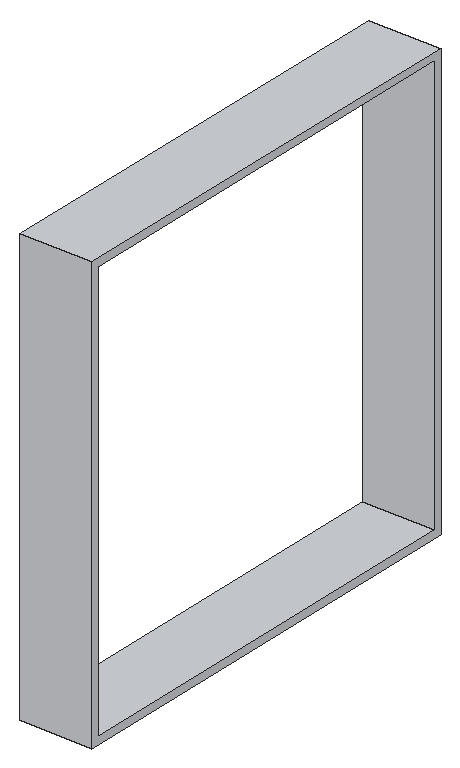
Revit family "TH_RECTANGULAR_SLEEVE", category Generic Models, host Face, Revit 2021
Family settings
  Host = Face
  Can host rebar = No
  Round Connector Dimension = Use Diameter
  Part Type = Normal
  Cut with Voids When Loaded = No
  Shared = Yes
  Room Calculation Point = No
Parameters (values of type "with Sill")
  Width [instance] = 1400 mm
  Insulation [instance] = 20 mm
  Host Thickness [instance] = 200 mm
  Height [instance] = 1400 mm
  Final Width [instance] = Width + Fill  # 1425 mm
  Filnal Height [instance] = Fill + Height  # 1425 mm
  Fill/2 [instance] = Fill / 2  # 12.5 mm
  Fill [instance] = 25 mm
  Extrusion [instance] = 25 mm
  Default Elevation = 1219.2 mm
  Clearance [instance] = 25 mm
Types (2, lengths in mm): name | Width | Insulation | Host Thickness | Height | Final Width | Filnal Height | Fill/2 | Fill | Extrusion | Clearance
  with Sill | 1400 | 20 | 200 | 1400 | 1425 | 1425 | 12.5 | 25 | 25 | 25
  Picture Frame | 0 | 40 | 781.9 | 0 | 0 | 1566.6 | 0 | 0 | 38.1 | 26.064
Reference planes
  plane 1 "Center (Front/Back)": y = 0
  plane 2: z = 0
  plane 3 "Center (Left/Right)": x = 0
  plane 4: z = 57.5
  plane 5: z = 12.5
  plane 6: z = 32.5
  plane 7: y = 757.5
  plane 8: y = 732.5
  plane 9: y = -757.5
  plane 10: y = -732.5
  plane 11: z = -1457.5
  plane 12: z = -1432.5
  plane 13: y = 712.5
  plane 14: y = -712.5
  plane 15: z = -1412.5
  plane 16: x = 125
  plane 17: x = -125
  plane 18: x = -100
  plane 19: x = 100
Forms (mm)
  Extrusion 1, solid
    sketch origin (0, 0, 0) x (0, 1, 0) y (0, 0, 1)
      loop
        line (732.5, 32.5) -> (-732.5, 32.5) -> (-732.5, -1432.5) -> (732.5, -1432.5) -> (732.5, 32.5)
      loop
        line (757.5, 57.5) -> (-757.5, 57.5) -> (-757.5, -1457.5) -> (757.5, -1457.5) -> (757.5, 57.5)
    from -125 to 125
Dimensions and locks
  "Fill/2": plane 5 to level
  "Insulation": plane 6 to plane 5
  "Clearance": plane 4 to plane 6
  "Clearance": plane 7 to plane 8
  equal spacing: plane 8, plane 1 "Center (Front/Back)", plane 10
  "Clearance": plane 10 to plane 9
  "Clearance": plane 12 to plane 11
  "Insulation": plane 8 to plane 13
  "Insulation": plane 14 to plane 10
  "Final Width": plane 13 to plane 14
  "Insulation": plane 15 to plane 12
  "Filnal Height": plane 5 to plane 15
  equal spacing: plane 19, plane 3 "Center (Left/Right)", plane 18
  "Host Thickness": plane 18 to plane 19
  "Extrusion": plane 18 to plane 17
  "Extrusion": plane 19 to plane 16
  aligned and locked: plane 2 to host face
  aligned and locked: level to host face
  aligned and locked: plane 4 to Extrusion 1
  aligned and locked: Extrusion 1 to plane 6
  aligned and locked: plane 7 to Extrusion 1
  aligned and locked: Extrusion 1 to plane 8
  aligned and locked: plane 10 to Extrusion 1
  aligned and locked: Extrusion 1 to plane 9
  aligned and locked: Extrusion 1 to plane 11
  aligned and locked: plane 12 to Extrusion 1
  aligned and locked: plane 16 to Extrusion 1
  aligned and locked: Extrusion 1 to plane 17
Automatic sketch dimensions
  host sketch curve to host sketch curve = 2240.899 mm
  host sketch curve to host sketch curve = 2073.732 mm
  Extrusion 1 sketch curve to plane 4 = 0 mm
  plane 5 to Extrusion 1 sketch curve = 20 mm
  plane 1 "Center (Front/Back)" to Extrusion 1 sketch curve = 757.5 mm
  Extrusion 1 sketch curve to Extrusion 1 sketch curve = 25 mm  (x3)
  Extrusion 1 sketch curve to plane 1 "Center (Front/Back)" = 732.5 mm
  Extrusion 1 sketch curve to level = 1432.5 mm
